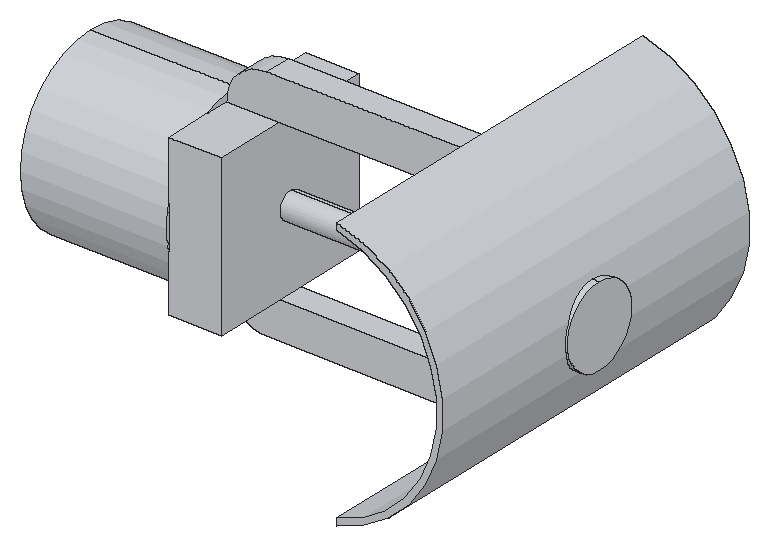
Revit family
Parameters (values of type "RASCO DH56")
  Temperature Rating = 200 °F
  Response = (empty or 0)
  RASCO SIN # = "RA1564"
  RASCO Part # = "DH562C"
  Pressure Rating = "250 PSI"
  Pressure Class = (empty or 0)
  Orifice Size = 1/2"
  Orifice = (empty or 0)
  Model = "DH56"
  Manufacturer = "RASCO"
  K-Factor = 5.6
  Diameter = 3/4"
  Description = "CHROME FINISH"
  Coverage = (empty or 0)
Reference planes (in)
  plane 1 "Center (Front/Back)": y = 0
  plane 2: z = 0
  plane 3 "Center (Left/Right)": x = 0
Nested families (in)
  nested 1: "RASCO- DH56" at (-1.19729, -7.05097, 1.17818) x (0, 0, -1) z (1, 0, 0), type "RASCO DH56"
Connectors (in)
  piping at (-1.19729, -7.05097, 1.17818)
    settings: on nested 1, index 1, connector radius 107/256", flow factor 0, pipe flow 0 GPM, pressure drop 0.00 psi, fitting loss kfactor 0, connector angle 0.00°, fixture units 0, flow configuration 0, flow direction 0, fitting loss method 0, system type 7, connector reference index -1, connector utility 0, adjustable connector no, is connector primary yes, fitting loss table "", connector description ""
Definition of nested family "RASCO- DH56"
  Parameters (values of type "RASCO DH56")
    Type Comments = ""
    Temperature Rating = 0 °F
    Response = (empty or 0)
    Pressure Rating = "0"
    Pressure Class = (empty or 0)
    Orifice Size = 0"
    Orifice = (empty or 0)
    Model = ""
    Manufacturer = ""
    K-Factor = 0
    Description = ""
    Coverage = (empty or 0)
    Assembly Code = ""
  Reference planes (in)
    plane 1 "Center (Front/Back)": y = 0
    plane 2: z = 0
    plane 3 "ref.2": z = 0.6875
    plane 4 "ref.3": z = 0.9375
    plane 5: x = -0.38065
    plane 6: x = 0.36935
    plane 7 "ref. side 1": y = 0.06402
    plane 8 "ref. side 2": y = -0.06098
    plane 9 "ref.4": z = 1.875
    plane 10 "ref.5": z = 2.3125
    plane 11 "ref.6": z = 2.378
  Forms (in)
    Extrusion 1, solid
      sketch origin (0, 0, 0) x (1, 0, 0) y (0, 1, 0)
        loop
          circle (0, 0) r 0.4175
      from 0 to 0.6875
    Extrusion 2, solid
      sketch origin (-0.12185, 0.05177, 0.6875) x (1, 0, 0) y (0, 1, 0)
        loop
          line (-0.2588, 0.356) -> (-0.2588, -0.4565) -> (0.4912, -0.4565) -> (0.4912, 0.356) -> (-0.2588, 0.356)
      from 0 to 0.25
    Extrusion 3, solid
      sketch origin (0, 0, 0) x (1, 0, 0) y (0, 0, 1)
        loop
          line (-0.38065, 0.68752) -> (-0.38065, 1.76416)
          arc (-0.38065, 1.76416) -> (-0.29541, 1.96995) -> (-0.08962, 2.05519) r 0.29103
          line (-0.08962, 2.05519) -> (0.07524, 2.05519)
          arc (0.07524, 2.05519) -> (0.28321, 1.96905) -> (0.36935, 1.76109) r 0.29411
          line (0.36935, 1.76109) -> (0.36935, 0.6882)
          arc (0.36935, 0.6882) -> (0.49296, 0.74898) -> (0.54293, 0.87734) r 0.18984
          line (0.54293, 0.87734) -> (0.54293, 1.86676)
          arc (0.54293, 1.86676) -> (0.41238, 2.18194) -> (0.09719, 2.3125) r 0.44574
          line (0.09719, 2.3125) -> (-0.12912, 2.3125)
          arc (-0.12912, 2.3125) -> (-0.44418, 2.182) -> (-0.57469, 1.86694) r 0.44556
          line (-0.57469, 1.86694) -> (-0.57469, 0.87876)
          arc (-0.57469, 0.87876) -> (-0.51768, 0.74254) -> (-0.38065, 0.68752) r 0.19126
      from -0.06402 to 0.06098
    Extrusion 4, solid
      sketch origin (0, 0, 0.9375) x (-1, 0, 0) y (0, -1, 0)
        loop
          circle (0.00574, -0.00152) r 0.0625
      from 0 to 1.07045
    Extrusion 5, solid
      sketch origin (0, 0, 1.875) x (-1, 0, 0) y (0, -1, 0)
        loop
          circle (0.00574, -0.00152) r 0.1875
      from 0.13295 to 0.51958
    Extrusion 6, solid
      sketch origin (0, 0, 0) x (1, 0, 0) y (0, 0, 1)
        loop
          arc (-0.62702, 1.88209) -> (-0.01911, 2.35421) -> (0.5888, 1.88209) r 0.62744
          line (0.5888, 1.88209) -> (0.61971, 1.88209)
          arc (0.61971, 1.88209) -> (-0.01911, 2.38421) -> (-0.65794, 1.88209) r 0.65744
          line (-0.65794, 1.88209) -> (-0.62702, 1.88209)
      from -0.89604 to 0.90264
  Cuts and joins
    joined: Extrusion 1, Extrusion 2, Extrusion 4
  Lines and regions (in)
    model lines
      curve 1: line (-0.00574, 0.06402, 1.875) -> (-0.00574, -0.06098, 1.875)
  Dimensions and locks (in)
    Extrusion 3 to Extrusion 3 = 0' - 1.11762"
    Extrusion 5 to cut or joined group of Extrusion 1, Extrusion 2, Extrusion 4 = 0' - 2.39458"
